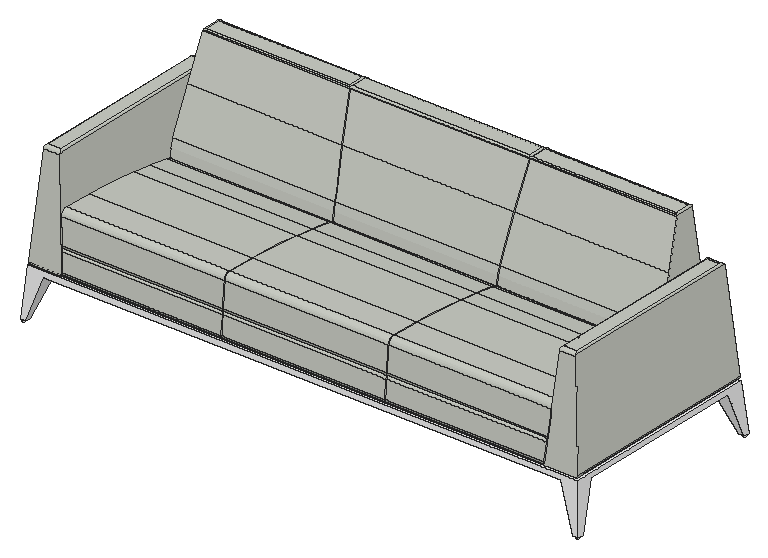
Revit family "Elan_VertexTwo_Sofa_84", category Furniture, Revit 2010
Parameters
  Width = 7' - 0"  # constant formula
  URL = "http://elanbydecca.com/"
  Upholstery [instance] = Furniture - DECCA (Elan) - Vertex - Upholstery
  Base [instance] = Furniture - DECCA (Elan) - Vertex - Base
  Product URL = "http://elanbydecca.com/PDFs/elan_tearsheet-vertex.pdf"
  Model = "VT LS525"
  Manufacturer = "Decca Contract"
  Height = 2' - 6"  # constant formula
  Description = "Vertex Two Sofa"
  Depth = 2' - 8"  # constant formula
  Assembly Description = "Furniture & Accessories"
  Assembly Code = "E2020200"
Reference planes (in)
  plane 1 "Center Front/Back": y = -0.7524
  plane 2: z = 0
  plane 3 "Center Left/Right": x = 0
  plane 4 "L": x = -42
  plane 5 "R": x = 42
  plane 6 "F": y = -16.7524
  plane 7: y = 15.2476
  plane 8: through (-6.25338, 2.33237, 23.38953) normal (0.4297, -0.4297, 0.7941)
  plane 9: z = 30
  plane 10: z = 16
  plane 11: x = -41.36862
  plane 12: x = -38.58452
  plane 13: x = -41.22423
  plane 14: x = 41.36862
  plane 15: x = 41.22423
  plane 16: z = 6.69972
  plane 17 "BT": z = 7.44949
  plane 18: z = 7.70022
  plane 19: x = -36.25435
  plane 20: x = 36.25435
  plane 21: z = 23.5
  plane 22: y = 14.61374
  plane 23: y = 14.47183
  plane 24: y = -16.11854
  plane 25: y = -15.97663
  plane 26: z = 0.19972
  plane 27: through (-15.22423, -180, 0.19694) normal (-0.9397, 0, 0.342)
  plane 28: through (0, 14.47183, 0.19694) normal (0, 0.9391, 0.3436)
  plane 29: y = 11.81791
  plane 30: y = -13.32271
  plane 31: x = 38.58452
  plane 32: through (0, 13.25934, 22.69446) normal (0, 0.9964, 0.0844)
  plane 33: through (0, -15.40972, 15.47123) normal (0, 0.9964, -0.0847)
  plane 34: through (-10.60194, -180, 18.93287) normal (0.996, 0, -0.0897)
  plane 35: through (10.60194, -180, 18.93287) normal (0.996, 0, 0.0897)
  plane 36: through (-10.60194, -180, 13.06713) normal (-0.996, 0, -0.0897)
  plane 37: through (10.60194, -180, 13.06713) normal (-0.996, 0, 0.0897)
  plane 38: z = 30
  plane 39: through (0, -14.08862, 10.99599) normal (0, 0.1045, 0.9945)
Forms (in)
  Blend 1, solid, material "Furniture - DECCA (Elan) - Vertex - Base" <- "Base"
    base sketch origin (0, 0, 8.32075) x (0, -1, 0) y (1, 0, 0)
      loop
        line (-15.2476, -42) -> (-14.47183, -42) -> (-14.47183, -41.22423) -> (-15.2476, -41.22423) -> (-15.2476, -42)
    top sketch origin (0, 0, 8.32075) x (0, -1, 0) y (1, 0, 0)
      loop
        line (-14.61374, -41.36862) -> (-11.81791, -41.36862) -> (-11.81791, -38.58452) -> (-14.61374, -38.58452) -> (-14.61374, -41.36862)
    from -8.12381 to -0.87126
  Blend 2, solid, material "Furniture - DECCA (Elan) - Vertex - Base" <- "Base"
    base sketch origin (0, -1.5048, 8.32075) x (0, -1, 0) y (1, 0, 0)
      loop
        line (15.2476, -42) -> (15.2476, -41.22423) -> (14.47183, -41.22423) -> (14.47183, -42) -> (15.2476, -42)
    top sketch origin (0, -1.5048, 8.32075) x (0, -1, 0) y (1, 0, 0)
      loop
        line (14.61374, -41.36862) -> (14.61374, -38.58452) -> (11.81791, -38.58452) -> (11.81791, -41.36862) -> (14.61374, -41.36862)
    from -8.12381 to -0.87126
  Blend 3, solid, material "Furniture - DECCA (Elan) - Vertex - Base" <- "Base"
    base sketch origin (0, -1.5048, 8.32075) x (0, 1, 0) y (-1, 0, 0)
      loop
        line (-15.2476, -42) -> (-14.47183, -42) -> (-14.47183, -41.22423) -> (-15.2476, -41.22423) -> (-15.2476, -42)
    top sketch origin (0, -1.5048, 8.32075) x (0, 1, 0) y (-1, 0, 0)
      loop
        line (-14.61374, -41.36862) -> (-11.81791, -41.36862) -> (-11.81791, -38.58452) -> (-14.61374, -38.58452) -> (-14.61374, -41.36862)
    from -8.12381 to -0.87126
  Blend 4, solid, material "Furniture - DECCA (Elan) - Vertex - Base" <- "Base"
    base sketch origin (0, 0, 8.32075) x (0, 1, 0) y (-1, 0, 0)
      loop
        line (15.2476, -42) -> (15.2476, -41.22423) -> (14.47183, -41.22423) -> (14.47183, -42) -> (15.2476, -42)
    top sketch origin (0, 0, 8.32075) x (0, 1, 0) y (-1, 0, 0)
      loop
        line (14.61374, -41.36862) -> (14.61374, -38.58452) -> (11.81791, -38.58452) -> (11.81791, -41.36862) -> (14.61374, -41.36862)
    from -8.12381 to -0.87126
  Extrusion 5, solid, material "Furniture - DECCA (Elan) - Vertex - Base" <- "Base"
    sketch origin (0, 0, 0) x (0, 1, 0) y (0, 0, 1)
      loop
        line (14.67927, 6.69972) -> (14.61374, 7.44949) -> (11.81791, 7.44949) -> (11.81791, 6.69972) -> (14.67927, 6.69972)
    from -41.36862 to 41.36862
  Extrusion 6, solid, material "Furniture - DECCA (Elan) - Vertex - Base" <- "Base"
    sketch origin (0, -1.5048, 0) x (0, -1, 0) y (0, 0, -1)
      loop
        line (14.67927, -6.69972) -> (11.81791, -6.69972) -> (11.81791, -7.44949) -> (14.61374, -7.44949) -> (14.67927, -6.69972)
    from -41.36862 to 41.36862
  Extrusion 7, solid, material "Furniture - DECCA (Elan) - Vertex - Base" <- "Base"
    sketch origin (0, -16.42176, 0) x (1, 0, 0) y (0, 0, -1)
      loop
        line (-41.43389, -6.69972) -> (-41.36862, -7.44949) -> (-38.58452, -7.44949) -> (-38.58452, -6.69972) -> (-41.43389, -6.69972)
      loop
        line (41.36862, -7.44949) -> (41.43389, -6.69972) -> (38.58452, -6.69972) -> (38.58452, -7.44949) -> (41.36862, -7.44949)
    from 0.30321 to 31.0355
  Extrusion 8, solid, material "Furniture - DECCA (Elan) - Vertex - Base" <- "Base"
    sketch origin (0, 0, 8.32075) x (0, -1, 0) y (1, 0, 0)
      loop
        circle (16.43547, 41.68431) r 0.25
      loop
        circle (16.43547, -41.68431) r 0.25
      loop
        circle (-14.93067, -41.68431) r 0.25
      loop
        circle (-14.93067, 41.68431) r 0.25
    from -8.32075 to -8.12102
  Extrusion 9, solid, material "Furniture - DECCA (Elan) - Vertex - Upholstery" <- "Upholstery"
    sketch origin (0, -16.42176, 0) x (1, 0, 0) y (0, 0, -1)
      loop
        line (-39.76398, -23.5) -> (-37.859, -23.5)
        arc (-37.859, -23.5) -> (-37.69006, -23.43428) -> (-37.60994, -23.27168) r 0.25
        line (-37.60994, -23.27168) -> (-36.278, -7.9719)
        arc (-36.278, -7.9719) -> (-36.34278, -7.78128) -> (-36.52706, -7.70022) r 0.25
        line (-36.52706, -7.70022) -> (-41.09591, -7.70022)
        arc (-41.09591, -7.70022) -> (-41.2802, -7.78128) -> (-41.34497, -7.9719) r 0.25
        line (-41.34497, -7.9719) -> (-40.01304, -23.27168)
        arc (-40.01304, -23.27168) -> (-39.93292, -23.43428) -> (-39.76398, -23.5) r 0.25
      loop
        line (36.278, -7.9719) -> (37.60994, -23.27168)
        arc (37.60994, -23.27168) -> (37.69006, -23.43428) -> (37.859, -23.5) r 0.25
        line (37.859, -23.5) -> (39.76398, -23.5)
        arc (39.76398, -23.5) -> (39.93292, -23.43428) -> (40.01304, -23.27168) r 0.25
        line (40.01304, -23.27168) -> (41.34497, -7.9719)
        arc (41.34497, -7.9719) -> (41.2802, -7.78128) -> (41.09591, -7.70022) r 0.25
        line (41.09591, -7.70022) -> (36.52706, -7.70022)
        arc (36.52706, -7.70022) -> (36.34278, -7.78128) -> (36.278, -7.9719) r 0.25
    from -0.33064 to 31.66936
  Extrusion 10, void
    sketch origin (0, 0, 0) x (0, 1, 0) y (0, 0, 1)
      loop
        line (14.55053, 7.44949) -> (16.4976, 7.44949) -> (16.4976, 30) -> (-18.0024, 30) -> (-18.0024, 7.44949) -> (-16.09189, 7.44949) -> (-14.76587, 23.04237)
        arc (-14.76587, 23.04237) -> (-14.60591, 23.36823) -> (-14.26767, 23.5) r 0.5
        line (-14.26767, 23.5) -> (12.73167, 23.5)
        arc (12.73167, 23.5) -> (13.06998, 23.36817) -> (13.22989, 23.0422) r 0.5
        line (13.22989, 23.0422) -> (14.55053, 7.44949)
    from -42 to 42
  Extrusion 11, solid, material "Furniture - DECCA (Elan) - Vertex - Upholstery" <- "Upholstery"
    sketch origin (0, 0, 0) x (0, 1, 0) y (0, 0, 1)
      loop
        line (12.41087, 30) -> (9.97402, 30)
        arc (9.97402, 30) -> (9.83242, 29.95603) -> (9.74063, 29.83959) r 0.25
        line (9.74063, 29.83959) -> (9.67423, 29.66662)
        arc (9.67423, 29.66662) -> (8.52817, 26.51784) -> (7.4927, 23.33098) r 96
        line (7.4927, 23.33098) -> (5.46904, 16.71189)
        arc (5.46904, 16.71189) -> (5.16239, 15.47882) -> (4.98785, 14.22024) r 12
        line (4.98785, 14.22024) -> (4.45645, 7.9714)
        arc (4.45645, 7.9714) -> (4.52143, 7.7811) -> (4.70555, 7.70022) r 0.25
        line (4.70555, 7.70022) -> (14.25723, 7.70022)
        arc (14.25723, 7.70022) -> (14.44131, 7.78107) -> (14.50633, 7.97132) r 0.25
        line (14.50633, 7.97132) -> (12.65997, 29.7711)
        arc (12.65997, 29.7711) -> (12.58002, 29.93409) -> (12.41087, 30) r 0.25
    from 0 to 38.58452
  Extrusion 12, void
    sketch origin (0, -16.42176, 0) x (1, 0, 0) y (0, 0, -1)
      loop
        line (13.53546, -29.77242) -> (12.463, -17.86399)
        arc (12.463, -17.86399) -> (12.35418, -16.25109) -> (12.31789, -14.63493) r 36
        line (12.31789, -14.63493) -> (12.31789, -7.44949) -> (-31.25, -7.44949) -> (-31.25, -31.75) -> (38.58452, -31.75) -> (38.58452, -7.70022) -> (36.25435, -7.70022) -> (36.83026, -14.3156)
        arc (36.83026, -14.3156) -> (36.85031, -15.39572) -> (36.8271, -16.47578) r 26.97487
        line (36.8271, -16.47578) -> (35.62574, -29.77242)
        arc (35.62574, -29.77242) -> (35.54541, -29.93453) -> (35.37675, -30) r 0.25
        line (35.37675, -30) -> (13.78445, -30)
        arc (13.78445, -30) -> (13.61579, -29.93453) -> (13.53546, -29.77242) r 0.25
    from 0 to 32.91936
  Extrusion 13, solid, material "Furniture - DECCA (Elan) - Vertex - Upholstery" <- "Upholstery"
    sketch origin (0, 0, 0) x (0, 1, 0) y (0, 0, 1)
      loop
        arc (4.96754, 13.98136) -> (4.89506, 14.23656) -> (4.67185, 14.37994) r 0.375
        line (4.67185, 14.37994) -> (4.26998, 14.46537)
        arc (4.26998, 14.46537) -> (2.72687, 14.75833) -> (1.17245, 14.98371) r 36
        line (1.17245, 14.98371) -> (-1.81029, 15.34995)
        arc (-1.81029, 15.34995) -> (-5.97767, 15.76958) -> (-10.15939, 16.00704) r 96
        line (-10.15939, 16.00704) -> (-14.39805, 16.15505)
        arc (-14.39805, 16.15505) -> (-15.09648, 15.90381) -> (-15.42935, 15.2404) r 1
        line (-15.42935, 15.2404) -> (-16.03598, 8.107)
        arc (-16.03598, 8.107) -> (-15.9385, 7.82154) -> (-15.66233, 7.70022) r 0.375
        line (-15.66233, 7.70022) -> (4.14633, 7.70022)
        arc (4.14633, 7.70022) -> (4.35773, 7.78258) -> (4.45771, 7.98624) r 0.3125
        line (4.45771, 7.98624) -> (4.96754, 13.98136)
    from 0 to 38.58452
  Sweep 14, solid, material "Furniture - DECCA (Elan) - Vertex - Base" <- "Base"
    path origin (0, 0, 7.44949) x (0, -1, 0) y (1, 0, 0)
      loop
        line (-11.81791, 38.58452) -> (-11.81791, -38.58452) -> (13.32271, -38.58452) -> (13.32271, 38.58452) -> (-11.81791, 38.58452)
    profile origin (0, 11.81791, 7.44949) x (0, -1, 0) y (0, 0, 1)
      loop
        line (-0.59791, 0) -> (-0.59791, 0.25073) -> (-2.59791, 0.25073) -> (-2.34718, 0) -> (-0.59791, 0)
  Extrusion 15, solid, material "Furniture - DECCA (Elan) - Vertex - Upholstery" <- "Upholstery"
    sketch origin (-23.58452, 0, 0) x (0, 1, 0) y (0, 0, 1)
      loop
        line (12.41087, 30) -> (9.97402, 30)
        arc (9.97402, 30) -> (9.83242, 29.95603) -> (9.74063, 29.83959) r 0.25
        line (9.74063, 29.83959) -> (9.67423, 29.66662)
        arc (9.67423, 29.66662) -> (8.52817, 26.51784) -> (7.4927, 23.33098) r 96
        line (7.4927, 23.33098) -> (5.46904, 16.71189)
        arc (5.46904, 16.71189) -> (5.16239, 15.47882) -> (4.98785, 14.22024) r 12
        line (4.98785, 14.22024) -> (4.45645, 7.9714)
        arc (4.45645, 7.9714) -> (4.52143, 7.7811) -> (4.70555, 7.70022) r 0.25
        line (4.70555, 7.70022) -> (14.25723, 7.70022)
        arc (14.25723, 7.70022) -> (14.44131, 7.78107) -> (14.50633, 7.97132) r 0.25
        line (14.50633, 7.97132) -> (12.65997, 29.7711)
        arc (12.65997, 29.7711) -> (12.58002, 29.93409) -> (12.41087, 30) r 0.25
    from -15 to 23.58452
  Extrusion 16, solid, material "Furniture - DECCA (Elan) - Vertex - Upholstery" <- "Upholstery"
    sketch origin (-23.58452, 0, 0) x (0, 1, 0) y (0, 0, 1)
      loop
        arc (4.96754, 13.98136) -> (4.89506, 14.23656) -> (4.67185, 14.37994) r 0.375
        line (4.67185, 14.37994) -> (4.26998, 14.46537)
        arc (4.26998, 14.46537) -> (2.72687, 14.75833) -> (1.17245, 14.98371) r 36
        line (1.17245, 14.98371) -> (-1.81029, 15.34995)
        arc (-1.81029, 15.34995) -> (-5.97767, 15.76958) -> (-10.15939, 16.00704) r 96
        line (-10.15939, 16.00704) -> (-14.39805, 16.15505)
        arc (-14.39805, 16.15505) -> (-15.09648, 15.90381) -> (-15.42935, 15.2404) r 1
        line (-15.42935, 15.2404) -> (-16.03598, 8.107)
        arc (-16.03598, 8.107) -> (-15.9385, 7.82154) -> (-15.66233, 7.70022) r 0.375
        line (-15.66233, 7.70022) -> (4.14633, 7.70022)
        arc (4.14633, 7.70022) -> (4.35773, 7.78258) -> (4.45771, 7.98624) r 0.3125
        line (4.45771, 7.98624) -> (4.96754, 13.98136)
    from -15 to 23.58452
  Extrusion 17, solid, material "Furniture - DECCA (Elan) - Vertex - Upholstery" <- "Upholstery"
    sketch origin (36.25, 0, 0) x (0, 1, 0) y (0, 0, 1)
      loop
        line (12.41087, 30) -> (9.97402, 30)
        arc (9.97402, 30) -> (9.83242, 29.95603) -> (9.74063, 29.83959) r 0.25
        line (9.74063, 29.83959) -> (9.67423, 29.66662)
        arc (9.67423, 29.66662) -> (8.52817, 26.51784) -> (7.4927, 23.33098) r 96
        line (7.4927, 23.33098) -> (5.46904, 16.71189)
        arc (5.46904, 16.71189) -> (5.16239, 15.47882) -> (4.98785, 14.22024) r 12
        line (4.98785, 14.22024) -> (4.45645, 7.9714)
        arc (4.45645, 7.9714) -> (4.52143, 7.7811) -> (4.70555, 7.70022) r 0.25
        line (4.70555, 7.70022) -> (14.25723, 7.70022)
        arc (14.25723, 7.70022) -> (14.44131, 7.78107) -> (14.50633, 7.97132) r 0.25
        line (14.50633, 7.97132) -> (12.65997, 29.7711)
        arc (12.65997, 29.7711) -> (12.58002, 29.93409) -> (12.41087, 30) r 0.25
    from -56.82895 to -14.20517
  Extrusion 18, solid, material "Furniture - DECCA (Elan) - Vertex - Upholstery" <- "Upholstery"
    sketch origin (46.75, 0, 0) x (0, 1, 0) y (0, 0, 1)
      loop
        arc (4.96754, 13.98136) -> (4.89506, 14.23656) -> (4.67185, 14.37994) r 0.375
        line (4.67185, 14.37994) -> (4.26998, 14.46537)
        arc (4.26998, 14.46537) -> (2.72687, 14.75833) -> (1.17245, 14.98371) r 36
        line (1.17245, 14.98371) -> (-1.81029, 15.34995)
        arc (-1.81029, 15.34995) -> (-5.97767, 15.76958) -> (-10.15939, 16.00704) r 96
        line (-10.15939, 16.00704) -> (-14.39805, 16.15505)
        arc (-14.39805, 16.15505) -> (-15.09648, 15.90381) -> (-15.42935, 15.2404) r 1
        line (-15.42935, 15.2404) -> (-16.03598, 8.107)
        arc (-16.03598, 8.107) -> (-15.9385, 7.82154) -> (-15.66233, 7.70022) r 0.375
        line (-15.66233, 7.70022) -> (4.14633, 7.70022)
        arc (4.14633, 7.70022) -> (4.35773, 7.78258) -> (4.45771, 7.98624) r 0.3125
        line (4.45771, 7.98624) -> (4.96754, 13.98136)
    from -67.32895 to -24.70517
  Extrusion 19, void
    sketch origin (0, -16.42176, 0) x (-1, 0, 0) y (0, 0, 1)
      loop
        arc (13.53537, 29.77242) -> (13.6157, 29.93453) -> (13.78436, 30) r 0.25
        line (13.78436, 30) -> (35.37675, 30)
        arc (35.37675, 30) -> (35.54539, 29.93455) -> (35.62573, 29.77248) r 0.25
        line (35.62573, 29.77248) -> (36.8271, 16.47578)
        arc (36.8271, 16.47578) -> (36.85031, 15.39572) -> (36.83026, 14.3156) r 26.97487
        line (36.83026, 14.3156) -> (36.25435, 7.70022) -> (38.58452, 7.70022) -> (38.58452, 31.75) -> (-31.25, 31.75) -> (-31.25, 7.44949) -> (12.318, 7.44949) -> (12.318, 14.63714)
        arc (12.318, 14.63714) -> (12.35429, 16.25329) -> (12.46311, 17.8662) r 36
        line (12.46311, 17.8662) -> (13.53537, 29.77242)
    from 0 to 32.91936
  Extrusion 20, void
    sketch origin (0.16548, -16.42176, 0) x (-1, 0, 0) y (0, 0, 1)
      loop
        line (13.6997, 29.7721) -> (12.62859, 17.86619)
        arc (12.62859, 17.86619) -> (12.51978, 16.25329) -> (12.48348, 14.63714) r 36
        line (12.48348, 14.63714) -> (12.48348, 7.70022) -> (26.41548, 7.70022) -> (26.41548, 31.75) -> (-28.96406, 31.75) -> (-28.96406, 7.70022) -> (-12.16693, 7.70022) -> (-12.16693, 14.63714)
        arc (-12.16693, 14.63714) -> (-12.19959, 16.25299) -> (-12.29752, 17.8662) r 39.98549
        line (-12.29752, 17.8662) -> (-13.366, 29.72777)
        arc (-13.366, 29.72777) -> (-13.30153, 29.91929) -> (-13.11663, 30.00083) r 0.25039
        line (-13.11663, 30.00083) -> (13.44926, 30.00083)
        arc (13.44926, 30.00083) -> (13.61885, 29.93504) -> (13.6997, 29.7721) r 0.25148
    from 0 to 32.91936
  Extrusion 21, void
    sketch origin (0, 0, 0) x (0, 1, 0) y (0, 0, 1)
      loop
        arc (-15.40157, 11.14149) -> (-15.65648, 11.2734) -> (-15.74345, 11.54692) r 0.375
        arc (-15.74345, 11.54692) -> (-16.14887, 11.20504) -> (-15.807, 10.79961) r 0.375
        arc (-15.807, 10.79961) -> (-15.67509, 11.05452) -> (-15.40157, 11.14149) r 0.375
    from -36.83026 to 37.75
Cuts and joins
  Extrusion 10, Extrusion 19, Extrusion 20 cuts Blend 1
  Extrusion 10, Extrusion 19, Extrusion 20 cuts Blend 2
  Extrusion 10, Extrusion 19, Extrusion 20 cuts Blend 3
  Extrusion 10, Extrusion 19, Extrusion 20 cuts Blend 4
  Extrusion 10, Extrusion 19, Extrusion 20 cuts Extrusion 5
  Extrusion 10, Extrusion 19, Extrusion 20 cuts Extrusion 6
  Extrusion 10, Extrusion 19, Extrusion 20 cuts Extrusion 7
  Extrusion 10, Extrusion 19, Extrusion 20 cuts Extrusion 8
  Extrusion 20 cuts Sweep 14
  joined: Blend 1, Blend 2, Blend 3, Blend 4, Extrusion 5, Extrusion 6, Extrusion 7, Extrusion 8, Sweep 14
  Extrusion 10, Extrusion 20 cuts Extrusion 9
  Extrusion 12 cuts Extrusion 11
  Extrusion 12, Extrusion 21 cuts Extrusion 13
  Extrusion 19 cuts Extrusion 15
  Extrusion 19, Extrusion 21 cuts Extrusion 16
  Extrusion 20 cuts Extrusion 17
  Extrusion 20, Extrusion 21 cuts Extrusion 18
Lines and regions (in)
  model lines
    curve 1: line (41.36862, 14.61374, 7.44949) -> (38.85741, 14.67927, 6.69972)
    curve 2: line (-38.85741, 14.67927, 6.69972) -> (-41.36862, 14.61374, 7.44949)
    curve 3: line (41.36862, -16.11854, 7.44949) -> (41.43389, -13.59707, 6.69972)
    curve 4: line (41.43389, 12.09227, 6.69972) -> (41.36862, 14.61374, 7.44949)
    curve 5: line (-41.36862, 14.61374, 7.44949) -> (-41.43389, 12.09227, 6.69972)
    curve 6: line (-41.43389, -13.59707, 6.69972) -> (-41.36862, -16.11854, 7.44949)
    curve 7: line (38.85741, -16.18407, 6.69972) -> (41.36862, -16.11854, 7.44949)
    curve 8: line (-41.36862, -16.11854, 7.44949) -> (-38.85741, -16.18407, 6.69972)
Dimensions and locks (in)
  equal spacing: plane 4 "L", plane 3 "Center Left/Right", plane 5 "R"
  equal spacing: plane 7, plane 1 "Center Front/Back", plane 6 "F"
  "Width": plane 4 "L" to plane 5 "R"
  "Depth": plane 7 to plane 6 "F"
  "Height": plane 9 to level
  plane 18 to plane 17 "BT" to plane 16 to level = 0' - 0.25073" locked, 0' - 0.74977" locked, 0' - 6.69972" locked
  plane 12 to plane 13 to plane 11 to plane 4 "L" = 0' - 2.63971" locked, 0' - 0.14439" locked, 0' - 0.63138" locked
  locked: plane 19 to plane 4 "L" at 5.74565
  locked: plane 5 "R" to plane 20 at 5.74565
  locked: plane 10 to level at 16
  locked: plane 21 to level at 23.5
  locked: plane 26 to level at 0.19972
  plane 7 to plane 22 to plane 23 to plane 29 = 0' - 0.63386" locked, 0' - 0.14191" locked, 0' - 2.65392" locked
  plane 30 to plane 25 to plane 24 to plane 6 "F" = 0' - 2.65392" locked, 0' - 0.14191" locked, 0' - 0.63386" locked
  plane 31 to plane 15 to plane 14 to plane 5 "R" = 0' - 2.63971" locked, 0' - 0.14439" locked, 0' - 0.63138" locked
  aligned and locked: Blend 2 sketch curve to plane 4 "L"
  aligned and locked: Blend 2 sketch curve to plane 6 "F"
  aligned and locked: plane 13 to Blend 2 sketch curve
  aligned and locked: plane 25 to Blend 2 sketch curve
  aligned and locked: Blend 2 sketch curve to plane 24
  aligned and locked: plane 12 to Blend 2 sketch curve
  aligned and locked: plane 30 to Blend 2 sketch curve
  aligned and locked: Blend 2 sketch curve to plane 11
  aligned and locked: Blend 3 sketch curve to plane 25
  aligned and locked: Blend 3 sketch curve to plane 15
  aligned and locked: plane 6 "F" to Blend 3 sketch curve
  aligned and locked: plane 5 "R" to Blend 3 sketch curve
  aligned and locked: plane 24 to Blend 3 sketch curve
  aligned and locked: plane 14 to Blend 3 sketch curve
  aligned and locked: Blend 3 sketch curve to plane 31
  aligned and locked: Blend 3 sketch curve to plane 30
  aligned and locked: plane 7 to Blend 4 sketch curve
  aligned and locked: Blend 4 sketch curve to plane 5 "R"
  aligned and locked: plane 23 to Blend 4 sketch curve
  aligned and locked: plane 15 to Blend 4 sketch curve
  aligned and locked: Blend 4 sketch curve to plane 22
  aligned and locked: Blend 4 sketch curve to plane 14
  aligned and locked: plane 29 to Blend 4 sketch curve
  aligned and locked: plane 31 to Blend 4 sketch curve
  aligned and locked: Blend 1 to Extrusion 5 sketch curve
  aligned and locked: plane 16 to Extrusion 5 sketch curve
  aligned and locked: plane 17 "BT" to Extrusion 5 sketch curve
  aligned and locked: Extrusion 5 sketch curve to plane 29
  aligned and locked: Extrusion 5 to plane 11
  aligned and locked: Extrusion 5 to plane 14
  aligned and locked: Extrusion 6 to plane 11
  aligned and locked: Extrusion 6 to plane 14
  aligned and locked: plane 12 to Extrusion 7 sketch curve
  aligned and locked: plane 16 to Extrusion 7 sketch curve
  aligned and locked: plane 17 "BT" to Extrusion 7 sketch curve
  aligned and locked: Extrusion 7 sketch curve to plane 16
  aligned and locked: Extrusion 7 sketch curve to plane 17 "BT"
  aligned and locked: Extrusion 7 sketch curve to plane 31
  aligned and locked: Extrusion 7 to plane 22
  aligned and locked: Extrusion 7 to plane 24
  aligned and locked: Extrusion 8 to level
  aligned and locked: Extrusion 8 to plane 26
  aligned and locked: plane 21 to Extrusion 9 sketch curve  (x2)
  aligned and locked: plane 18 to Extrusion 9 sketch curve
  aligned and locked: Extrusion 10 sketch curve to plane 32
  aligned and locked: plane 9 to Extrusion 10 sketch curve
  aligned and locked: plane 17 "BT" to Extrusion 10 sketch curve
  aligned and locked: plane 33 to Extrusion 10 sketch curve
  aligned and locked: Extrusion 10 to plane 4 "L"
  aligned and locked: Extrusion 10 to plane 5 "R"
  aligned and locked: Extrusion 9 sketch curve to plane 18
  aligned and locked: plane 9 to Extrusion 11 sketch curve
  aligned and locked: plane 32 to Extrusion 11 sketch curve
  aligned and locked: plane 18 to Extrusion 11 sketch curve
  aligned: Extrusion 11 to plane 12
  aligned and locked: plane 17 "BT" to Extrusion 12 sketch curve
  aligned and locked: plane 9 to Extrusion 12 sketch curve
  aligned and locked: Extrusion 12 sketch curve to plane 18
  aligned and locked: plane 18 to Extrusion 13 sketch curve
  aligned and locked: plane 33 to Extrusion 13 sketch curve
  aligned: Extrusion 13 to plane 12
  aligned and locked: plane 29 to Sweep 14 sketch curve
  aligned and locked: Sweep 14 sketch curve to plane 30
  aligned and locked: Sweep 14 sketch curve to plane 31
  aligned and locked: plane 12 to Sweep 14 sketch curve
  aligned and locked: plane 21 to Extrusion 10 sketch curve
Automatic sketch dimensions
  Blend 1 sketch curve to plane 7 = 0' - 0"
  Blend 1 sketch curve to plane 4 "L" = 0' - 0"
  plane 23 to Blend 1 sketch curve = 0' - 0"
  Blend 1 sketch curve to plane 13 = 0' - 0"
  Blend 1 sketch curve to plane 12 = 0' - 0"
  plane 22 to Blend 1 sketch curve = 0' - 0"
  Blend 1 sketch curve to plane 11 = 0' - 0"
  plane 29 to Blend 1 sketch curve = 0' - 0"
  Extrusion 5 to curve 1 = 0' - 0"  (x2)
  Extrusion 5 to curve 2 = 0' - 0"
  curve 1 to Extrusion 5 = 0' - 0"
  curve 2 to Extrusion 5 = 0' - 0"  (x2)
  Extrusion 5 to curve 2 = 0' - 2.51122"
  Extrusion 5 to curve 1 = 0' - 2.51122"
  plane 17 "BT" to Extrusion 6 sketch curve = 0' - 0"
  Extrusion 6 sketch curve to plane 30 = 0' - 0"
  plane 16 to Extrusion 6 sketch curve = 0' - 0"
  Extrusion 6 sketch curve to plane 24 = 0' - 0"
  plane 24 to Extrusion 6 sketch curve = 0' - 0.06553"
  Extrusion 7 sketch curve to plane 11 = 0' - 0"
  plane 11 to Extrusion 7 sketch curve = 0' - 0.06527"
  Extrusion 7 sketch curve to plane 14 = 0' - 0"
  plane 14 to Extrusion 7 sketch curve = 0' - 0.06527"
  curve 3 to Blend 4 = 0' - 0"
  Blend 4 to curve 4 = 0' - 0"
  curve 4 to Blend 4 = 0' - 0"  (x2)
  Blend 4 to curve 4 = 0' - 0.7526"
  Blend 4 to curve 3 = 0' - 0.7526"
  curve 3 to curve 4 = 2' - 1.68934"
  curve 3 to curve 3 = 0' - 2.52147"
  curve 5 to Blend 1 = 0' - 0"
  Blend 1 to curve 5 = 0' - 0"  (x2)
  curve 6 to Blend 1 = 0' - 0"
  Blend 1 to curve 5 = 0' - 0.7526"
  Blend 1 to curve 6 = 0' - 0.7526"
  curve 5 to curve 6 = 2' - 1.68934"
  curve 6 to curve 6 = 0' - 2.52147"
  Blend 2 to curve 8 = 0' - 0"  (x2)
  Blend 2 to curve 7 = 0' - 0"
  curve 8 to Blend 2 = 0' - 0"
  Blend 2 to curve 8 = 0' - 0.75262"
  Blend 2 to curve 7 = 0' - 0.75262"
  curve 8 to curve 7 = 6' - 5.71482"
  curve 7 to curve 7 = 0' - 2.51122"
  Extrusion 8 sketch curve to plane 7 = 0' - 0.31693"  (x2)
  plane 6 "F" to Extrusion 8 sketch curve = 0' - 0.31693"  (x2)
  plane 4 "L" to Extrusion 8 sketch curve = 0' - 0.31569"  (x2)
  plane 5 "R" to Extrusion 8 sketch curve = 0' - 0.31569"  (x2)
  Extrusion 9 sketch curve to plane 11 = 0' - 0.02365"
  Extrusion 9 sketch curve to plane 13 = 0' - 0.12832"
  plane 21 to Extrusion 9 sketch curve = 0' - 0.22832"  (x2)
  Extrusion 9 sketch curve to plane 13 = 0' - 1.21119"
  Extrusion 9 sketch curve to Extrusion 9 sketch curve = 0' - 0.24906"  (x5)
  Extrusion 9 sketch curve to plane 12 = 0' - 0.72552"
  Extrusion 9 sketch curve to plane 19 = 0' - 0.27271"
  Extrusion 9 sketch curve to plane 19 = 0' - 0.02365"
  Extrusion 9 sketch curve to plane 20 = 0' - 0.02365"
  Extrusion 9 sketch curve to plane 31 = 0' - 0.97458"
  plane 31 to Extrusion 9 sketch curve = 0' - 1.17946"
  Extrusion 9 sketch curve to plane 15 = 0' - 0.12832"
  Extrusion 9 sketch curve to plane 14 = 0' - 0.02365"
  Extrusion 9 sketch curve to Extrusion 9 sketch curve = 0' - 0 1/4"  (x6)
  plane 17 "BT" to Extrusion 10 sketch curve = 0' - 0"
  Extrusion 10 sketch curve to plane 6 "F" = 0' - 1 1/4"
  Extrusion 10 sketch curve to plane 21 = 0' - 0.45763"
  Extrusion 10 sketch curve to Extrusion 10 sketch curve = 0' - 0.4982"
  Extrusion 10 sketch curve to plane 21 = 0' - 0 1/2"
  Extrusion 10 sketch curve to plane 21 = 0' - 0.4578"
  plane 7 to Extrusion 10 sketch curve = 0' - 1 1/4"
  Extrusion 11 sketch curve to plane 18 = 0' - 0.27118"
  Extrusion 11 sketch curve to plane 1 "Center Front/Back" = 0' - 5.20885"
  Extrusion 11 sketch curve to Extrusion 11 sketch curve = 0' - 0.2491"
  Extrusion 11 sketch curve to plane 10 = 0' - 1.77976"
  Extrusion 11 sketch curve to plane 1 "Center Front/Back" = 0' - 5.74025"
  plane 10 to Extrusion 11 sketch curve = 0' - 0.71189"
  Extrusion 11 sketch curve to Extrusion 11 sketch curve = 0' - 0.48119"
  Extrusion 11 sketch curve to plane 21 = 0' - 0.16902"
  plane 29 to Extrusion 11 sketch curve = 0' - 4.32522"
  Extrusion 11 sketch curve to plane 9 = 0' - 0.33338"
  Extrusion 11 sketch curve to Extrusion 11 sketch curve = 0' - 2.18154"
  Extrusion 11 sketch curve to plane 9 = 0' - 0.16041"
  Extrusion 11 sketch curve to Extrusion 11 sketch curve = 0' - 0 17/256"
  Extrusion 11 sketch curve to Extrusion 11 sketch curve = 0' - 0.2334"
  Extrusion 11 sketch curve to plane 9 = 0' - 0 1/4"
  Extrusion 11 sketch curve to plane 9 = 0' - 0.2289"
  plane 23 to Extrusion 11 sketch curve = 0' - 0.21461"
  Extrusion 11 sketch curve to plane 23 = 0' - 0.0345"
  plane 7 to Extrusion 11 sketch curve = 0' - 1.69709"
  Extrusion 11 sketch curve to level = 0' - 4.73671"
  Extrusion 13 sketch curve to plane 25 = 0' - 0.05935"
  plane 25 to Extrusion 13 sketch curve = 0' - 0.3143"
  plane 25 to Extrusion 13 sketch curve = 0' - 0.54728"
  Extrusion 13 sketch curve to Extrusion 13 sketch curve = 0' - 0.9964"
  plane 10 to Extrusion 13 sketch curve = 0' - 0.15505"
  Extrusion 13 sketch curve to Extrusion 13 sketch curve = 0' - 0.0349"
  Extrusion 13 sketch curve to plane 30 = 0' - 0.18703"
  plane 10 to Extrusion 13 sketch curve = 0' - 0.00704"
  plane 30 to Extrusion 13 sketch curve = 0' - 3.16332"
  plane 1 "Center Front/Back" to Extrusion 13 sketch curve = 0' - 2.46245"
  Extrusion 13 sketch curve to plane 10 = 0' - 0.65005"
  plane 1 "Center Front/Back" to Extrusion 13 sketch curve = 0' - 1.05789"
  Extrusion 13 sketch curve to plane 10 = 0' - 1.01629"
  Extrusion 13 sketch curve to plane 1 "Center Front/Back" = 0' - 1.92485"
  Extrusion 13 sketch curve to plane 18 = 0' - 0 5/16"
  Extrusion 13 sketch curve to plane 1 "Center Front/Back" = 0' - 4.89873"
  Extrusion 13 sketch curve to plane 10 = 0' - 1.53463"
  Extrusion 13 sketch curve to Extrusion 13 sketch curve = 0' - 3.09752"
  Extrusion 13 sketch curve to plane 18 = 0' - 0.28602"
  Extrusion 13 sketch curve to Extrusion 13 sketch curve = 0' - 0.32391"
  Extrusion 13 sketch curve to plane 10 = 0' - 1.62006"
  Extrusion 13 sketch curve to Extrusion 13 sketch curve = 0' - 0.07797"
  Extrusion 13 sketch curve to Extrusion 13 sketch curve = 0' - 0.37365"
  Extrusion 13 sketch curve to Extrusion 13 sketch curve = 0' - 0.39858"
  plane 17 "BT" to Sweep 14 sketch curve = 0' - 0"
  Sweep 14 sketch curve to plane 17 "BT" = 0' - 0.25073"
  profile plane to Sweep 14 sketch curve = 0' - 2.59791"
  Sweep 14 sketch curve to Sweep 14 sketch curve = 0' - 0.25073"
  profile plane to Sweep 14 sketch curve = 0' - 0.59791"
  plane 18 to Extrusion 15 sketch curve = 0' - 0"
  Extrusion 15 sketch curve to plane 9 = 0' - 0"
  Extrusion 15 sketch curve to plane 32 = 0' - 0"  (x2)
  Extrusion 15 sketch curve to plane 18 = 0' - 0.27118"
  Extrusion 15 sketch curve to plane 1 "Center Front/Back" = 0' - 5.20885"
  Extrusion 15 sketch curve to plane 18 = 0' - 0 1/4"
  Extrusion 15 sketch curve to plane 10 = 0' - 1.77976"
  Extrusion 15 sketch curve to plane 1 "Center Front/Back" = 0' - 5.74025"
  plane 10 to Extrusion 15 sketch curve = 0' - 0.71189"
  Extrusion 15 sketch curve to Extrusion 15 sketch curve = 0' - 0.48119"
  Extrusion 15 sketch curve to plane 21 = 0' - 0.16902"
  plane 29 to Extrusion 15 sketch curve = 0' - 4.32522"
  Extrusion 15 sketch curve to plane 9 = 0' - 0.33338"
  Extrusion 15 sketch curve to Extrusion 15 sketch curve = 0' - 2.18154"
  Extrusion 15 sketch curve to plane 9 = 0' - 0.16041"
  Extrusion 15 sketch curve to Extrusion 15 sketch curve = 0' - 0 17/256"
  Extrusion 15 sketch curve to Extrusion 15 sketch curve = 0' - 0.2334"
  Extrusion 15 sketch curve to plane 9 = 0' - 0 1/4"
  Extrusion 15 sketch curve to plane 9 = 0' - 0.2289"
  plane 23 to Extrusion 15 sketch curve = 0' - 0.21461"
  Extrusion 15 sketch curve to plane 23 = 0' - 0.0345"
  plane 7 to Extrusion 15 sketch curve = 0' - 1.69709"
  Extrusion 15 sketch curve to level = 0' - 4.73671"
  plane 33 to Extrusion 16 sketch curve = 0' - 0"  (x2)
  plane 18 to Extrusion 16 sketch curve = 0' - 0"
  Extrusion 16 sketch curve to plane 25 = 0' - 0.05935"
  plane 25 to Extrusion 16 sketch curve = 0' - 0.3143"
  plane 25 to Extrusion 16 sketch curve = 0' - 0.54728"
  Extrusion 16 sketch curve to Extrusion 16 sketch curve = 0' - 0.9964"
  plane 10 to Extrusion 16 sketch curve = 0' - 0.15505"
  Extrusion 16 sketch curve to Extrusion 16 sketch curve = 0' - 0.0349"
  Extrusion 16 sketch curve to plane 30 = 0' - 0.18703"
  plane 10 to Extrusion 16 sketch curve = 0' - 0.00704"
  plane 30 to Extrusion 16 sketch curve = 0' - 3.16332"
  plane 1 "Center Front/Back" to Extrusion 16 sketch curve = 0' - 2.46245"
  Extrusion 16 sketch curve to plane 10 = 0' - 0.65005"
  plane 1 "Center Front/Back" to Extrusion 16 sketch curve = 0' - 1.05789"
  Extrusion 16 sketch curve to plane 10 = 0' - 1.01629"
  Extrusion 16 sketch curve to plane 1 "Center Front/Back" = 0' - 1.92485"
  Extrusion 16 sketch curve to plane 18 = 0' - 0 5/16"
  Extrusion 16 sketch curve to plane 1 "Center Front/Back" = 0' - 4.89873"
  Extrusion 16 sketch curve to plane 10 = 0' - 1.53463"
  Extrusion 16 sketch curve to Extrusion 16 sketch curve = 0' - 3.09752"
  Extrusion 16 sketch curve to plane 18 = 0' - 0.28602"
  Extrusion 16 sketch curve to Extrusion 16 sketch curve = 0' - 0.32391"
  Extrusion 16 sketch curve to plane 10 = 0' - 1.62006"
  Extrusion 16 sketch curve to Extrusion 16 sketch curve = 0' - 0.07797"
  Extrusion 16 sketch curve to Extrusion 16 sketch curve = 0' - 0.37365"
  Extrusion 16 sketch curve to Extrusion 16 sketch curve = 0' - 0.39858"
  plane 18 to Extrusion 17 sketch curve = 0' - 0"
  Extrusion 17 sketch curve to plane 9 = 0' - 0"
  Extrusion 17 sketch curve to plane 32 = 0' - 0"  (x2)
  Extrusion 17 sketch curve to plane 18 = 0' - 0.27118"
  Extrusion 17 sketch curve to plane 1 "Center Front/Back" = 0' - 5.20885"
  Extrusion 17 sketch curve to Extrusion 17 sketch curve = 0' - 0.2491"
  Extrusion 17 sketch curve to plane 10 = 0' - 1.77976"
  Extrusion 17 sketch curve to plane 1 "Center Front/Back" = 0' - 5.74025"
  plane 10 to Extrusion 17 sketch curve = 0' - 0.71189"
  Extrusion 17 sketch curve to Extrusion 17 sketch curve = 0' - 0.48119"
  Extrusion 17 sketch curve to plane 21 = 0' - 0.16902"
  plane 29 to Extrusion 17 sketch curve = 0' - 4.32522"
  Extrusion 17 sketch curve to plane 9 = 0' - 0.33338"
  Extrusion 17 sketch curve to Extrusion 17 sketch curve = 0' - 2.18154"
  Extrusion 17 sketch curve to plane 9 = 0' - 0.16041"
  Extrusion 17 sketch curve to Extrusion 17 sketch curve = 0' - 0 17/256"
  Extrusion 17 sketch curve to Extrusion 17 sketch curve = 0' - 0.2334"
  Extrusion 17 sketch curve to plane 9 = 0' - 0 1/4"
  Extrusion 17 sketch curve to plane 9 = 0' - 0.2289"
  plane 23 to Extrusion 17 sketch curve = 0' - 0.21461"
  Extrusion 17 sketch curve to plane 23 = 0' - 0.0345"
  plane 7 to Extrusion 17 sketch curve = 0' - 1.69709"
  Extrusion 17 sketch curve to level = 0' - 4.73671"
  plane 33 to Extrusion 18 sketch curve = 0' - 0"  (x2)
  plane 18 to Extrusion 18 sketch curve = 0' - 0"
  Extrusion 18 sketch curve to plane 25 = 0' - 0.05935"
  plane 25 to Extrusion 18 sketch curve = 0' - 0.3143"
  plane 25 to Extrusion 18 sketch curve = 0' - 0.54728"
  Extrusion 18 sketch curve to Extrusion 18 sketch curve = 0' - 0.9964"
  plane 10 to Extrusion 18 sketch curve = 0' - 0.15505"
  Extrusion 18 sketch curve to Extrusion 18 sketch curve = 0' - 0.0349"
  Extrusion 18 sketch curve to plane 30 = 0' - 0.18703"
  plane 10 to Extrusion 18 sketch curve = 0' - 0.00704"
  plane 30 to Extrusion 18 sketch curve = 0' - 3.16332"
  plane 1 "Center Front/Back" to Extrusion 18 sketch curve = 0' - 2.46245"
  Extrusion 18 sketch curve to plane 10 = 0' - 0.65005"
  plane 1 "Center Front/Back" to Extrusion 18 sketch curve = 0' - 1.05789"
  Extrusion 18 sketch curve to plane 10 = 0' - 1.01629"
  Extrusion 18 sketch curve to plane 1 "Center Front/Back" = 0' - 1.92485"
  Extrusion 18 sketch curve to plane 18 = 0' - 0 5/16"
  Extrusion 18 sketch curve to plane 1 "Center Front/Back" = 0' - 4.89873"
  Extrusion 18 sketch curve to plane 10 = 0' - 1.53463"
  Extrusion 18 sketch curve to Extrusion 18 sketch curve = 0' - 3.09752"
  Extrusion 18 sketch curve to plane 18 = 0' - 0.28602"
  Extrusion 18 sketch curve to Extrusion 18 sketch curve = 0' - 0.32391"
  Extrusion 18 sketch curve to plane 10 = 0' - 1.62006"
  Extrusion 18 sketch curve to Extrusion 18 sketch curve = 0' - 0.07797"
  Extrusion 18 sketch curve to Extrusion 18 sketch curve = 0' - 0.37365"
  Extrusion 18 sketch curve to Extrusion 18 sketch curve = 0' - 0.39858"
  Extrusion 19 sketch curve to plane 17 "BT" = 0' - 0"
  Extrusion 19 sketch curve to plane 9 = 0' - 0"
  Extrusion 19 sketch curve to plane 18 = 0' - 0"
  Extrusion 19 sketch curve to plane 19 = 0' - 0"
  plane 12 to Extrusion 19 sketch curve = 0' - 0"
  Extrusion 19 sketch curve to plane 9 = 0' - 0.22752"
  Extrusion 19 sketch curve to plane 19 = 0' - 0.62862"
  Extrusion 19 sketch curve to Extrusion 19 sketch curve = 0' - 0.24899"  (x2)
  Extrusion 19 sketch curve to plane 3 "Center Left/Right" = 1' - 1.78436"
  Extrusion 19 sketch curve to plane 9 = 0' - 0.22758"
  Extrusion 19 sketch curve to plane 21 = 0' - 5.6338"
  Extrusion 19 sketch curve to Extrusion 19 sketch curve = 0' - 1.07226"
  Extrusion 19 sketch curve to plane 18 = 0' - 6.93691"
  Extrusion 19 sketch curve to Extrusion 19 sketch curve = 0' - 0.14511"
  Extrusion 19 sketch curve to plane 10 = 0' - 0.64367"
  Extrusion 19 sketch curve to Extrusion 19 sketch curve = 0' - 2.44252"
  plane 9 to Extrusion 19 sketch curve = 0' - 1 3/4"
  Extrusion 19 sketch curve to plane 20 = 0' - 5.00435"
  plane 19 to Extrusion 19 sketch curve = 0' - 0.57275"
  plane 19 to Extrusion 19 sketch curve = 0' - 0.57591"
  Extrusion 19 sketch curve to plane 10 = 0' - 1.6844"
  Extrusion 12 sketch curve to plane 20 = 0' - 0"
  plane 31 to Extrusion 12 sketch curve = 0' - 0"
  plane 9 to Extrusion 12 sketch curve = 0' - 0.22758"  (x2)
  plane 20 to Extrusion 12 sketch curve = 0' - 0.62861"
  Extrusion 12 sketch curve to Extrusion 12 sketch curve = 0' - 0.24899"  (x2)
  Extrusion 12 sketch curve to plane 3 "Center Left/Right" = 1' - 1.78445"
  plane 21 to Extrusion 12 sketch curve = 0' - 5.63601"
  Extrusion 12 sketch curve to Extrusion 12 sketch curve = 0' - 1.07246"
  plane 18 to Extrusion 12 sketch curve = 0' - 6.93471"
  Extrusion 12 sketch curve to Extrusion 12 sketch curve = 0' - 0.14511"
  plane 10 to Extrusion 12 sketch curve = 0' - 0.64367"
  Extrusion 12 sketch curve to Extrusion 12 sketch curve = 0' - 2.44241"
  Extrusion 12 sketch curve to plane 9 = 0' - 1 3/4"
  plane 19 to Extrusion 12 sketch curve = 0' - 5.00435"
  Extrusion 12 sketch curve to plane 20 = 0' - 0.57275"
  Extrusion 12 sketch curve to plane 20 = 0' - 0.57591"
  plane 10 to Extrusion 12 sketch curve = 0' - 1.6844"
  Extrusion 20 sketch curve to plane 18 = 0' - 0"  (x2)
  plane 9 to Extrusion 20 sketch curve = 0' - 0.00083"
  Extrusion 20 sketch curve to plane 10 = 0' - 1.36286"  (x2)
  Extrusion 20 sketch curve to plane 5 "R" = 0' - 10.3179"
  Extrusion 20 sketch curve to plane 20 = 0' - 7.12481"
  Extrusion 20 sketch curve to plane 9 = 0' - 0.27223"
  Extrusion 20 sketch curve to Extrusion 20 sketch curve = 0' - 0.24937"
  Extrusion 20 sketch curve to plane 3 "Center Left/Right" = 1' - 0.318"
  plane 10 to Extrusion 20 sketch curve = 0' - 1.86619"
  Extrusion 20 sketch curve to Extrusion 20 sketch curve = 0' - 0.14511"
  Extrusion 20 sketch curve to plane 3 "Center Left/Right" = 1' - 1.28377"
  Extrusion 20 sketch curve to Extrusion 20 sketch curve = 0' - 0.25045"
  plane 9 to Extrusion 20 sketch curve = 0' - 1 3/4"
  Extrusion 20 sketch curve to plane 19 = 0' - 10.00435"
  Extrusion 20 sketch curve to Extrusion 20 sketch curve = 0' - 0.25148"
  plane 3 "Center Left/Right" to Extrusion 20 sketch curve = 1' - 1.53148"
  plane 10 to Extrusion 20 sketch curve = 0' - 1.8662"
  Extrusion 20 sketch curve to Extrusion 20 sketch curve = 0' - 1.06847"
  plane 33 to Extrusion 21 sketch curve = 0' - 0"  (x4)
  Extrusion 21 sketch curve to plane 39 = 0' - 0"
  plane 25 to Extrusion 21 sketch curve = 0' - 0.16963"
  Extrusion 21 sketch curve to Extrusion 21 sketch curve = 0' - 0.37365"  (x2)
  Extrusion 21 sketch curve to Extrusion 21 sketch curve = 0' - 0"  (x2)
  Extrusion 21 sketch curve to Extrusion 21 sketch curve = 0' - 0.03178"  (x2)
  radius of Extrusion 8 sketch curve = 0' - 0 1/4"  (x4)
